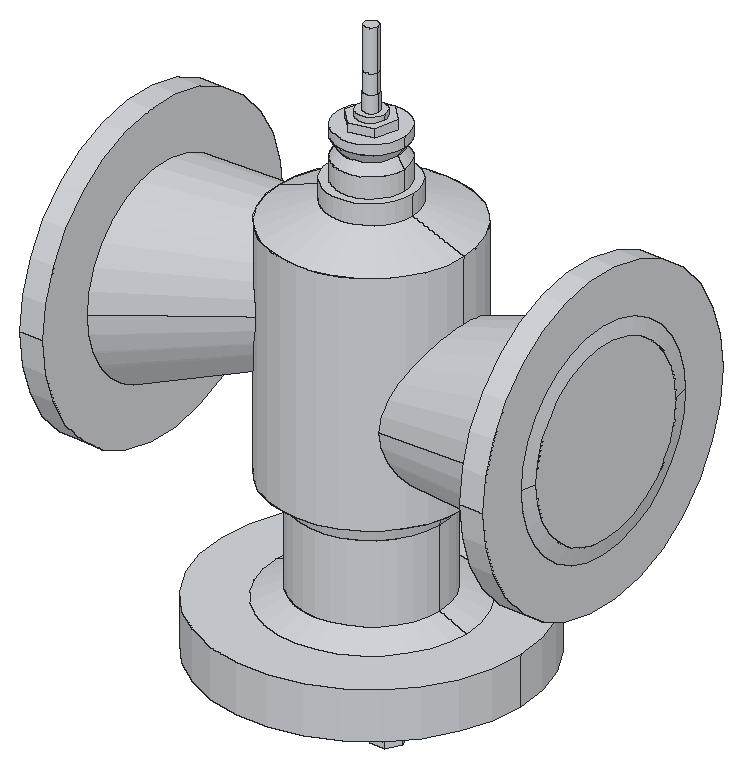
Revit family "2FGB_PN16_DN065_RFA_2019", category Pipe Accessories, Revit 2019
Family settings
  Round Connector Dimension = Use Diameter
  Part Type = Valve - Breaks Into
  Work Plane-Based = No
  Always vertical = Yes
  Cut with Voids When Loaded = No
  Shared = No
Parameters (values of type "2FGB PN16 DN065")
  magiProductId = ""
  magiProductFamilyId = ""
  magiPartTypeId = 306
  isMeasuringValve [instance] = no
  ang2D [instance] = 0.00°
  Z9 = 4.2 mm
  Z8 = 5.7 mm
  Z7 = 3 mm
  Z6 = 6 mm
  Z5 = 6 mm
  Z4 = 12 mm
  Z3 = 139.45 mm
  Z19 = 9.9 mm
  Z15 = 33.25 mm
  Z14__ve = -Z14  # -11.875 mm
  Z14 = 11.875 mm
  Z13 = 6.82 mm
  Z12 = 47.74 mm
  Z10 = 5.1 mm
  X4 = 28.6 mm
  X2__ve = -X2  # -14.3 mm
  X2 = 14.3 mm
  X1 = 2 mm
  W2D = 65 mm
  VersionID = ""
  Use Minimum Symbol Size [instance] = yes
  URL = "www.hydronix.cz"
  Type Comments = "Přírubový; EQM charakteristika; PN16; -10~+150°C"
  R9 = 4 mm
  R7 = 8.34 mm
  R6 = 13.9 mm
  R5 = 16.474 mm
  R4 = 20.592 mm
  R3 = 25.74 mm
  R2 = 44.25 mm
  R13 = 42.48 mm
  R12 = 4.378 mm
  R1 = 35.4 mm
  QmdConnectorList = "301;D;302;D"
  Productdata [instance] = "2FGB65 (DN65; PN16; kvs63)"
  Manufacturer = "Hydronix"
  Maintenance Zone Under Depth [instance] = 207 mm
  Maintenance Zone Right Depth [instance] = 175 mm
  Maintenance Zone Over Depth [instance] = 221 mm
  Maintenance Zone Left Depth [instance] = 175 mm
  Maintenance Zone Front Depth [instance] = 110 mm
  Maintenance Zone Back Depth [instance] = 110 mm
  Maintenance Zone Front Visibility [instance] = no
  LT2 = 145 mm
  L2D_Min = 3048 mm
  L2D = 290 mm
  HCDT2 = 59 mm
  H4 = 175 mm
  H3 = 95 mm
  H2 = 25 mm
  FDT2 = 92.5 mm
  Description = "2 cestný regulační ventil přírubový; DN65; PN16; kvs63; zdvih 25mm"
  D4 = 53.975 mm
  D3 = 63.5 mm
  D2 = 57.2 mm
  D = 65 mm
  CenSd_R6_6 = R6 * cos(30.00°)  # 12.037 mm
  CenSd_A_6 = A * cos(30.00°)  # 8.011 mm
  Clearance Zone Height Depth [instance] = 221 mm
  CZONC [instance] = 175 mm
  Clearance Zone Visibility [instance] = no
  B1 = 51.265 mm
  A = 9.25 mm
Types (5, lengths in mm): name | Z9 | Z8 | Z6 | Z5 | Z4 | Z3 | Z19 | Z15 | Z14__ve | Z14 | Z13 | Z12 | Z10 | X4 | X2__ve | X2 | W2D | R7 | R6 | R5 | R4 | R3 | R2 | R13 | R12 | R1 | Productdata | LT2 | L2D | HCDT2 | H4 | H3 | H2 | FDT2 | Description | D4 | D3 | D2 | D | CenSd_R6_6 | CenSd_A_6 | B1 | A
  2FGB PN16 DN100 | 4.165 | 5.602 | 5.95 | 5.95 | 11.9 | 168.575 | 9.767 | 40.775 | -14.562 | 14.562 | 8.12 | 56.84 | 5.082 | 34.6 | -17.3 | 17.3 | 100 | 10.089 | 16.816 | 19.93 | 24.912 | 31.14 | 57.375 | 55.08 | 5.297 | 45.9 | "2FGB100 (DN100; PN16; kvs130)" | 175 | 350 | 76.5 | 207 | 116.5 | 45 | 110 | "2 cestný regulační ventil přírubový; DN100; PN16; kvs130; zdvih 45mm" | 68.85 | 81 | 69.2 | 100 | 14.563 | 9.526 | 63.64 | 11
  2FGB PN16 DN080 | 4.2 | 5.7 | 6 | 6 | 12 | 151.95 | 9.9 | 36.75 | -13.125 | 13.125 | 7.32 | 51.24 | 5.1 | 30.6 | -15.3 | 15.3 | 80 | 8.923 | 14.872 | 17.626 | 22.032 | 27.54 | 49.875 | 47.88 | 4.685 | 39.9 | "2FGB80 (DN80; PN16; kvs100)" | 155 | 310 | 66.5 | 187 | 105 | 45 | 100 | "2 cestný regulační ventil přírubový; DN80; PN16; kvs100; zdvih 45mm" | 60.35 | 71 | 61.2 | 80 | 12.879 | 8.66 | 56.569 | 10
  2FGB PN16 DN065 | 4.2 | 5.7 | 6 | 6 | 12 | 139.45 | 9.9 | 33.25 | -11.875 | 11.875 | 6.82 | 47.74 | 5.1 | 28.6 | -14.3 | 14.3 | 65 | 8.34 | 13.9 | 16.474 | 20.592 | 25.74 | 44.25 | 42.48 | 4.378 | 35.4 | "2FGB65 (DN65; PN16; kvs63)" | 145 | 290 | 59 | 175 | 95 | 25 | 92.5 | "2 cestný regulační ventil přírubový; DN65; PN16; kvs63; zdvih 25mm" | 53.975 | 63.5 | 57.2 | 65 | 12.037 | 8.011 | 51.265 | 9.25
  2FGB PN16 DN150 | 4.2 | 5.7 | 6 | 6 | 12 | 227.45 | 9.9 | 54.95 | -19.625 | 19.625 | 10.97 | 76.79 | 5.1 | 47.6 | -23.8 | 23.8 | 150 | 13.88 | 23.134 | 27.418 | 34.272 | 42.84 | 77.625 | 74.52 | 7.287 | 62.1 | "2FGB150 (DN150; PN16; kvs300)" | 240 | 480 | 103.5 | 277 | 157 | 45 | 142.5 | "2 cestný regulační ventil přírubový; DN150; PN16; kvs300; zdvih 45mm" | 92.65 | 109 | 95.2 | 150 | 20.034 | 12.341 | 84.853 | 14.25
  2FGB PN16 DN125 | 4.2 | 5.7 | 6 | 6 | 12 | 196.45 | 9.9 | 48.65 | -17.375 | 17.375 | 9.22 | 64.54 | 5.1 | 39.6 | -19.8 | 19.8 | 125 | 11.547 | 19.246 | 22.81 | 28.512 | 35.64 | 68.625 | 65.88 | 6.062 | 54.9 | "2FGB125 (DN125; PN16; kvs200)" | 200 | 400 | 91.5 | 234 | 139 | 45 | 125 | "2 cestný regulační ventil přírubový; DN125; PN16; kvs200; zdvih 45mm" | 81.6 | 96 | 79.2 | 125 | 16.667 | 10.825 | 74.246 | 12.5
Reference planes
  plane 1 "Center (Front/Back)": y = 0
  plane 2 "XYPLANE": z = 0
  plane 3 "Center (Left/Right)": x = 0
  plane 4 "234": y = -51.265
  plane 5 "233": x = 51.265
  plane 6 "232": x = -51.265
  plane 7 "231": y = 51.265
  plane 8 "225": z = -165
  plane 9 "223": z = 221
  plane 10 "221": x = -175
  plane 11 "220": x = 175
  plane 12 "219": y = -110
  plane 13 "218": y = 110
  plane 14 "196": z = -207
  plane 15 "182": z = 155
  plane 16 "161": z = 143
  plane 17 "158": z = 137.3
  plane 18 "150": z = 133.1
  plane 19 "148": z = 130.1
  plane 20 "142": z = 125
  plane 21 "136": z = 119
  plane 22 "135": z = 113
  plane 23 "131": z = 107
  plane 24 "78": z = 71.25
  plane 25 "77": z = 83.125
  plane 26 "74": z = 95
  plane 27 "70": z = -68.2
  plane 28 "65": z = -75.02
  plane 29 "64": z = -81.84
  plane 30 "58": z = -129.58
  plane 31 "57": z = -136.4
  plane 32 "46": z = -175
  plane 33 "28": x = 128.7
  plane 34 "27": x = 143
  plane 35 "21": z = -20
  plane 36 "16": z = 33.25
  plane 37 "13": x = -128.7
  plane 38 "7": x = -143
  plane 39 "6": x = 145
  plane 40 "5": x = -145
  plane 41 "3": y = 0
  plane 42 "2": z = 0
  plane 43 "1": x = 0
Forms (mm)
  Extrusion 1, solid
    sketch origin (-750, 0, -175) x (1, 0, 0) y (0, 1, 0)
      loop
        line (810.515, -51.265) -> (805.89, -43.255) -> (796.64, -43.255) -> (792.015, -51.265) -> (796.64, -59.276) -> (805.89, -59.276) -> (810.515, -51.265)
    from 0 to 10
  Extrusion 2, solid
    sketch origin (-750, 0, -175) x (1, 0, 0) y (0, 1, 0)
      loop
        line (707.985, -51.265) -> (703.36, -43.255) -> (694.11, -43.255) -> (689.485, -51.265) -> (694.11, -59.276) -> (703.36, -59.276) -> (707.985, -51.265)
    from 0 to 10
  Extrusion 3, solid
    sketch origin (-750, 0, -175) x (1, 0, 0) y (0, 1, 0)
      loop
        line (810.515, 51.265) -> (805.89, 59.276) -> (796.64, 59.276) -> (792.015, 51.265) -> (796.64, 43.255) -> (805.89, 43.255) -> (810.515, 51.265)
    from 0 to 10
  Extrusion 4, solid
    sketch origin (-750, 0, -175) x (1, 0, 0) y (0, 1, 0)
      loop
        line (707.985, 51.265) -> (703.36, 59.276) -> (694.11, 59.276) -> (689.485, 51.265) -> (694.11, 43.255) -> (703.36, 43.255) -> (707.985, 51.265)
    from 0 to 10
  Blend 5, solid, visible <- "Maintenance Zone Front Visibility"
    base sketch origin (-750, 0, 221) x (1, 0, 0) y (0, 1, 0)
      loop
        line (575, 110) -> (575, -110) -> (925, -110) -> (925, 110) -> (575, 110)
    top sketch origin (-750, 0, 221) x (1, 0, 0) y (0, 1, 0)
      loop
        line (575, 110) -> (575, -110) -> (925, -110) -> (925, 110) -> (575, 110)
    from 0 to -428
  Extrusion 6, solid, visible <- "Clearance Zone Visibility"
    sketch origin (-750, 0, 0) x (1, 0, 0) y (0, 1, 0)
      loop
        circle (750, 0) r 175
    from 0 to 221 <- "Clearance Zone Height Depth"
  Extrusion 7, solid
    sketch origin (-750, 0, 133.1) x (1, 0, 0) y (0, 1, 0)
      loop
        circle (750, 0) r 4.378
    from 0 to 9.9 <- "Z19"
  Extrusion 8, solid
    sketch origin (-750, 0, 155) x (1, 0, 0) y (0, 1, 0)
      loop
        circle (750, 0) r 4
    from 0 to 25 <- "H2"
  Extrusion 9, solid
    sketch origin (-750, 0, 143) x (1, 0, 0) y (0, 1, 0)
      loop
        circle (750, 0) r 4
    from 0 to 12 <- "Z4"
  Extrusion 10, solid
    sketch origin (-750, 0, 130.1) x (1, 0, 0) y (0, 1, 0)
      loop
        circle (750, 0) r 8.34
    from 0 to 3 <- "Z7"
  Extrusion 11, solid
    sketch origin (-750, 0, 125) x (1, 0, 0) y (0, 1, 0)
      loop
        line (759.829, -9.829) -> (763.426, 3.597) -> (753.597, 13.426) -> (740.171, 9.829) -> (736.574, -3.597) -> (746.403, -13.426) -> (759.829, -9.829)
    from 0 to 5.1 <- "Z10"
  Extrusion 12, solid
    sketch origin (-750, 0, 119) x (1, 0, 0) y (0, 1, 0)
      loop
        circle (750, 0) r 20.592
    from 0 to 6 <- "Z6"
  Blend 13, solid
    base sketch origin (-750, 0, 113) x (1, 0, 0) y (0, 1, 0)
      loop
        circle (750, 0) r 16.474
    top sketch origin (-750, 0, 113) x (1, 0, 0) y (0, 1, 0)
      loop
        circle (750, 0) r 20.592
    from 0 to 6
  Blend 14, solid
    base sketch origin (-750, 0, 107) x (1, 0, 0) y (0, 1, 0)
      loop
        circle (750, 0) r 20.592
    top sketch origin (-750, 0, 107) x (1, 0, 0) y (0, 1, 0)
      loop
        circle (750, 0) r 16.474
    from 0 to 6
  Extrusion 15, solid
    sketch origin (-750, 0, 95) x (1, 0, 0) y (0, 1, 0)
      loop
        circle (750, 0) r 20.592
    from 0 to 12 <- "Z4"
  Extrusion 16, solid
    sketch origin (-750, 0, 95) x (1, 0, 0) y (0, 1, 0)
      loop
        circle (750, 0) r 25.74
    from 0 to -11.875 <- "Z14__ve"
  Blend 17, solid
    base sketch origin (-750, 0, 71.25) x (1, 0, 0) y (0, 1, 0)
      loop
        circle (750, 0) r 57.2
    top sketch origin (-750, 0, 71.25) x (1, 0, 0) y (0, 1, 0)
      loop
        circle (750, 0) r 25.74
    from 0 to 11.875
  Blend 18, solid
    base sketch origin (-750, 0, -75.02) x (1, 0, 0) y (0, 1, 0)
      loop
        circle (750, 0) r 44.25
    top sketch origin (-750, 0, -75.02) x (1, 0, 0) y (0, 1, 0)
      loop
        circle (750, 0) r 57.2
    from 0 to 6.82
  Blend 19, solid
    base sketch origin (-750, 0, -81.84) x (1, 0, 0) y (0, 1, 0)
      loop
        circle (750, 0) r 42.48
    top sketch origin (-750, 0, -81.84) x (1, 0, 0) y (0, 1, 0)
      loop
        circle (750, 0) r 44.25
    from 0 to 6.82
  Extrusion 20, solid
    sketch origin (-750, 0, -129.58) x (1, 0, 0) y (0, 1, 0)
      loop
        circle (750, 0) r 42.48
    from 0 to 47.74 <- "Z12"
  Blend 21, solid
    base sketch origin (-750, 0, -136.4) x (1, 0, 0) y (0, 1, 0)
      loop
        circle (750, 0) r 59
    top sketch origin (-750, 0, -136.4) x (1, 0, 0) y (0, 1, 0)
      loop
        circle (750, 0) r 42.48
    from 0 to 6.82
  Extrusion 22, solid
    sketch origin (-750, 0, -165) x (1, 0, 0) y (0, 1, 0)
      loop
        circle (750, 0) r 92.5
    from 0 to 28.6 <- "X4"
  Blend 23, solid
    base sketch origin (143, -750, 0) x (0, 1, 0) y (0, 0, 1)
      loop
        circle (750, 0) r 63.5
    top sketch origin (143, -750, 0) x (0, 1, 0) y (0, 0, 1)
      loop
        circle (750, 0) r 53.975
    from 0 to 2
  Blend 24, solid
    base sketch origin (-145, -750, 0) x (0, 1, 0) y (0, 0, 1)
      loop
        circle (750, 0) r 53.975
    top sketch origin (-145, -750, 0) x (0, 1, 0) y (0, 0, 1)
      loop
        circle (750, 0) r 63.5
    from 0 to 2
  Extrusion 25, solid
    sketch origin (143, -750, 0) x (0, 1, 0) y (0, 0, 1)
      loop
        circle (750, 0) r 92.5
    from 0 to -14.3 <- "X2__ve"
  Blend 26, solid
    base sketch origin (0, -750, 0) x (0, 1, 0) y (0, 0, 1)
      loop
        circle (750, -20) r 35.4
    top sketch origin (0, -750, 0) x (0, 1, 0) y (0, 0, 1)
      loop
        circle (750, 0) r 59
    from 0 to 128.7
  Extrusion 27, solid
    sketch origin (-750, 0, -68.2) x (1, 0, 0) y (0, 1, 0)
      loop
        circle (750, 0) r 57.2
    from 0 to 139.45 <- "Z3"
  Blend 28, solid
    base sketch origin (-128.7, -750, 0) x (0, 1, 0) y (0, 0, 1)
      loop
        circle (750, 0) r 59
    top sketch origin (-128.7, -750, 0) x (0, 1, 0) y (0, 0, 1)
      loop
        circle (750, 33.25) r 35.4
    from 0 to 128.7
  Extrusion 29, solid
    sketch origin (-143, -750, 0) x (0, 1, 0) y (0, 0, 1)
      loop
        circle (750, 0) r 92.5
    from 0 to 14.3 <- "X2"
  Extrusion 30, solid, not visible
    sketch origin (145, -750, 0) x (0, 1, 0) y (0, 0, 1)
      loop
        circle (750, 0) r 10
    from 0 to -10
  Extrusion 31, solid, not visible
    sketch origin (-145, -750, 0) x (0, 1, 0) y (0, 0, 1)
      loop
        circle (750, 0) r 10
    from 0 to 10
Lines and regions (mm)
  reference lines, not visible
    curve 1: circle (2, 2, 0) r 1 normal (0, 0, 1)
  reference lines
    curve 2: line (51.265, -51.265, -175) -> (48.515, -46.502, -175)
    curve 3: line (51.265, -51.265, -175) -> (45.765, -51.265, -175)
    curve 4: line (51.265, -51.265, -175) -> (48.515, -56.028, -175)
    curve 5: line (-51.265, -51.265, -175) -> (-54.015, -46.502, -175)
    curve 6: line (-51.265, -51.265, -175) -> (-56.765, -51.265, -175)
    curve 7: line (-51.265, -51.265, -175) -> (-54.015, -56.028, -175)
    curve 8: line (51.265, 51.265, -175) -> (48.515, 56.028, -175)
    curve 9: line (51.265, 51.265, -175) -> (45.765, 51.265, -175)
    curve 10: line (51.265, 51.265, -175) -> (48.515, 46.502, -175)
    curve 11: line (-51.265, 51.265, -175) -> (-54.015, 56.028, -175)
    curve 12: line (-51.265, 51.265, -175) -> (-56.765, 51.265, -175)
    curve 13: line (-51.265, 51.265, -175) -> (-54.015, 46.502, -175)
    curve 14: line (0, 0, 125) -> (2.176, 8.121, 125)
    curve 15: line (0, 0, 125) -> (-5.945, 5.945, 125)
    curve 16: line (0, 0, 125) -> (-8.121, -2.176, 125)
Dimensions and locks
  plane 1 "Center (Front/Back)" to curve 1 = 2 mm
  "B1": plane 1 "Center (Front/Back)" to plane 4 "234"
  "B1": plane 3 "Center (Left/Right)" to plane 5 "233"
  "B1": plane 3 "Center (Left/Right)" to plane 6 "232"
  "B1": plane 1 "Center (Front/Back)" to plane 7 "231"
  locked: plane 32 "46" to plane 8 "225" at 10
  "Maintenance Zone Over Depth": plane 2 "XYPLANE" to plane 9 "223"
  "Maintenance Zone Left Depth": plane 3 "Center (Left/Right)" to plane 10 "221"
  "Maintenance Zone Right Depth": plane 3 "Center (Left/Right)" to plane 11 "220"
  "Maintenance Zone Front Depth": plane 1 "Center (Front/Back)" to plane 12 "219"
  "Maintenance Zone Back Depth": plane 1 "Center (Front/Back)" to plane 13 "218"
  "Maintenance Zone Under Depth": plane 2 "XYPLANE" to plane 14 "196"
  "Z4": plane 16 "161" to plane 15 "182"
  "Z8": plane 17 "158" to plane 16 "161"
  "Z9": plane 18 "150" to plane 17 "158"
  "Z7": plane 19 "148" to plane 18 "150"
  "Z10": plane 20 "142" to plane 19 "148"
  "Z6": plane 21 "136" to plane 20 "142"
  "Z5": plane 22 "135" to plane 21 "136"
  "Z5": plane 23 "131" to plane 22 "135"
  "Z4": plane 26 "74" to plane 23 "131"
  "Z14": plane 25 "77" to plane 24 "78"
  "Z14": plane 26 "74" to plane 25 "77"
  "H3": plane 2 "XYPLANE" to plane 26 "74"
  "Z13": plane 28 "65" to plane 27 "70"
  "Z13": plane 29 "64" to plane 28 "65"
  "Z12": plane 30 "58" to plane 29 "64"
  "Z13": plane 31 "57" to plane 30 "58"
  "X4": plane 8 "225" to plane 31 "57"
  "H4": plane 2 "XYPLANE" to plane 32 "46"
  "X2": plane 34 "27" to plane 33 "28"
  "X1": plane 39 "6" to plane 34 "27"
  locked: plane 42 "2" to plane 35 "21" at 20
  "Z15": plane 42 "2" to plane 36 "16"
  "X2": plane 38 "7" to plane 37 "13"
  "X1": plane 40 "5" to plane 38 "7"
  "LT2": plane 3 "Center (Left/Right)" to plane 39 "6"
  "LT2": plane 3 "Center (Left/Right)" to plane 40 "5"
  locked: plane 1 "Center (Front/Back)" to plane 41 "3"
  locked: plane 2 "XYPLANE" to plane 42 "2"
  locked: plane 3 "Center (Left/Right)" to plane 43 "1"
  "CenSd_A_6": curve 2 to Extrusion 1 sketch curve  (x2)
  "CenSd_A_6": curve 3 to Extrusion 1 sketch curve  (x2)
  "CenSd_A_6": curve 4 to Extrusion 1 sketch curve  (x2)
  "CenSd_A_6": curve 5 to Extrusion 2 sketch curve  (x2)
  "CenSd_A_6": curve 6 to Extrusion 2 sketch curve  (x2)
  "CenSd_A_6": curve 7 to Extrusion 2 sketch curve  (x2)
  "CenSd_A_6": curve 8 to Extrusion 3 sketch curve  (x2)
  "CenSd_A_6": curve 9 to Extrusion 3 sketch curve  (x2)
  "CenSd_A_6": curve 10 to Extrusion 3 sketch curve  (x2)
  "CenSd_A_6": curve 11 to Extrusion 4 sketch curve  (x2)
  "CenSd_A_6": curve 12 to Extrusion 4 sketch curve  (x2)
  "CenSd_A_6": curve 13 to Extrusion 4 sketch curve  (x2)
  "CenSd_R6_6": curve 14 to Extrusion 11 sketch curve  (x2)
  "CenSd_R6_6": curve 15 to Extrusion 11 sketch curve  (x2)
  "CenSd_R6_6": curve 16 to Extrusion 11 sketch curve  (x2)
  "CZONC": radius of Extrusion 6 sketch curve
  "R12": radius of Extrusion 7 sketch curve
  "R9": radius of Extrusion 8 sketch curve
  "R9": radius of Extrusion 9 sketch curve
  "R7": radius of Extrusion 10 sketch curve
  "R4": radius of Extrusion 12 sketch curve
  "R4": radius of Blend 13 sketch curve
  "R5": radius of Blend 13 sketch curve
  "R5": radius of Blend 14 sketch curve
  "R4": radius of Blend 14 sketch curve
  "R4": radius of Extrusion 15 sketch curve
  "R3": radius of Extrusion 16 sketch curve
  "R3": radius of Blend 17 sketch curve
  "D2": radius of Blend 17 sketch curve
  "D2": radius of Blend 18 sketch curve
  "R2": radius of Blend 18 sketch curve
  "R2": radius of Blend 19 sketch curve
  "R13": radius of Blend 19 sketch curve
  "R13": radius of Extrusion 20 sketch curve
  "R13": radius of Blend 21 sketch curve
  "HCDT2": radius of Blend 21 sketch curve
  "FDT2": radius of Extrusion 22 sketch curve
  "D4": radius of Blend 23 sketch curve
  "D3": radius of Blend 23 sketch curve
  "D3": radius of Blend 24 sketch curve
  "D4": radius of Blend 24 sketch curve
  "FDT2": radius of Extrusion 25 sketch curve
  "HCDT2": radius of Blend 26 sketch curve
  "R1": radius of Blend 26 sketch curve
  "D2": radius of Extrusion 27 sketch curve
  "R1": radius of Blend 28 sketch curve
  "HCDT2": radius of Blend 28 sketch curve
  "FDT2": radius of Extrusion 29 sketch curve
  locked: curve 3 to curve 2 (angle 60.00°)
  locked: curve 4 to curve 3 (angle 60.00°)
  locked: curve 4 to curve 2 (angle 120.00°)
  locked: curve 6 to curve 5 (angle 60.00°)
  locked: curve 7 to curve 6 (angle 60.00°)
  locked: curve 7 to curve 5 (angle 120.00°)
  locked: curve 9 to curve 8 (angle 60.00°)
  locked: curve 10 to curve 9 (angle 60.00°)
  locked: curve 10 to curve 8 (angle 120.00°)
  locked: curve 12 to curve 11 (angle 60.00°)
  locked: curve 13 to curve 12 (angle 60.00°)
  locked: curve 13 to curve 11 (angle 120.00°)
  locked: curve 15 to curve 14 (angle 60.00°)
  locked: curve 16 to curve 15 (angle 60.00°)
  locked: curve 16 to curve 14 (angle 120.00°)
  aligned and locked: level to plane 2 "XYPLANE"
  aligned and locked: plane 4 "234" to curve 2
  aligned and locked: plane 5 "233" to curve 2
  aligned and locked: plane 4 "234" to curve 5
  aligned and locked: plane 6 "232" to curve 5
  aligned and locked: plane 5 "233" to curve 8
  aligned and locked: plane 7 "231" to curve 8
  aligned and locked: plane 6 "232" to curve 11
  aligned and locked: plane 7 "231" to curve 11
  aligned and locked: plane 13 "218" to Blend 5 sketch curve  (x4)
  aligned and locked: plane 12 "219" to Blend 5 sketch curve  (x4)
  aligned and locked: plane 10 "221" to Blend 5 sketch curve  (x4)
  aligned and locked: plane 11 "220" to Blend 5 sketch curve  (x4)
  aligned and locked: Blend 5 to plane 14 "196"
  aligned and locked: plane 41 "3" to Extrusion 6 sketch curve
  aligned and locked: plane 43 "1" to Extrusion 6 sketch curve
  aligned and locked: plane 41 "3" to Extrusion 7 sketch curve
  aligned and locked: plane 43 "1" to Extrusion 7 sketch curve
  aligned and locked: plane 41 "3" to Extrusion 8 sketch curve
  aligned and locked: plane 43 "1" to Extrusion 8 sketch curve
  aligned and locked: plane 41 "3" to Extrusion 9 sketch curve
  aligned and locked: plane 43 "1" to Extrusion 9 sketch curve
  aligned and locked: plane 41 "3" to Extrusion 10 sketch curve
  aligned and locked: plane 43 "1" to Extrusion 10 sketch curve
  aligned and locked: plane 41 "3" to curve 14
  aligned and locked: plane 43 "1" to curve 14
  aligned and locked: plane 41 "3" to Extrusion 12 sketch curve
  aligned and locked: plane 43 "1" to Extrusion 12 sketch curve
  aligned and locked: plane 41 "3" to Blend 13 sketch curve  (x2)
  aligned and locked: plane 43 "1" to Blend 13 sketch curve  (x2)
  aligned and locked: plane 21 "136" to Blend 13
  aligned and locked: plane 41 "3" to Blend 14 sketch curve  (x2)
  aligned and locked: plane 43 "1" to Blend 14 sketch curve  (x2)
  aligned and locked: plane 22 "135" to Blend 14
  aligned and locked: plane 41 "3" to Extrusion 15 sketch curve
  aligned and locked: plane 43 "1" to Extrusion 15 sketch curve
  aligned and locked: plane 41 "3" to Extrusion 16 sketch curve
  aligned and locked: plane 43 "1" to Extrusion 16 sketch curve
  aligned and locked: plane 41 "3" to Blend 17 sketch curve  (x2)
  aligned and locked: plane 43 "1" to Blend 17 sketch curve  (x2)
  aligned and locked: plane 25 "77" to Blend 17
  aligned and locked: plane 41 "3" to Blend 18 sketch curve  (x2)
  aligned and locked: plane 43 "1" to Blend 18 sketch curve  (x2)
  aligned and locked: plane 27 "70" to Blend 18
  aligned and locked: plane 41 "3" to Blend 19 sketch curve  (x2)
  aligned and locked: plane 43 "1" to Blend 19 sketch curve  (x2)
  aligned and locked: plane 28 "65" to Blend 19
  aligned and locked: plane 41 "3" to Extrusion 20 sketch curve
  aligned and locked: plane 43 "1" to Extrusion 20 sketch curve
  aligned and locked: plane 41 "3" to Blend 21 sketch curve  (x2)
  aligned and locked: plane 43 "1" to Blend 21 sketch curve  (x2)
  aligned and locked: plane 30 "58" to Blend 21
  aligned and locked: plane 41 "3" to Extrusion 22 sketch curve
  aligned and locked: plane 43 "1" to Extrusion 22 sketch curve
  aligned and locked: Blend 23 sketch curve to plane 41 "3"  (x2)
  aligned and locked: plane 42 "2" to Blend 23 sketch curve  (x2)
  aligned and locked: plane 39 "6" to Blend 23
  aligned and locked: Blend 24 sketch curve to plane 41 "3"  (x2)
  aligned and locked: plane 42 "2" to Blend 24 sketch curve  (x2)
  aligned and locked: plane 38 "7" to Blend 24
  aligned and locked: Extrusion 25 sketch curve to plane 41 "3"
  aligned and locked: plane 42 "2" to Extrusion 25 sketch curve
  aligned and locked: Blend 26 sketch curve to plane 41 "3"  (x2)
  aligned and locked: plane 42 "2" to Blend 26 sketch curve
  aligned and locked: plane 35 "21" to Blend 26 sketch curve
  aligned and locked: plane 33 "28" to Blend 26
  aligned and locked: plane 41 "3" to Extrusion 27 sketch curve
  aligned and locked: plane 43 "1" to Extrusion 27 sketch curve
  aligned and locked: plane 36 "16" to Blend 28 sketch curve
  aligned and locked: plane 41 "3" to Blend 28 sketch curve
  aligned and locked: Blend 28 sketch curve to plane 41 "3"
  aligned and locked: plane 42 "2" to Blend 28 sketch curve
  aligned and locked: plane 43 "1" to Blend 28
  aligned and locked: Extrusion 29 sketch curve to plane 41 "3"
  aligned and locked: plane 42 "2" to Extrusion 29 sketch curve
  aligned and locked: Extrusion 30 sketch curve to plane 41 "3"
  aligned and locked: plane 42 "2" to Extrusion 30 sketch curve
  aligned and locked: Extrusion 31 sketch curve to plane 41 "3"
  aligned and locked: plane 42 "2" to Extrusion 31 sketch curve
Automatic sketch dimensions
  plane 1 "Center (Front/Back)" to curve 16 = 2.176 mm
  plane 1 "Center (Front/Back)" to Extrusion 30 sketch curve = 10 mm
  plane 1 "Center (Front/Back)" to Extrusion 31 sketch curve = 10 mm
  plane 3 "Center (Left/Right)" to curve 1 = 2 mm
  radius of curve 1 = 1 mm
Connectors
  piping at (-145, 0, 0), diameter 65, driven by "D"
    settings: on Extrusion 31, index 1, connector inside diameter 609.6 mm, connector length 0 mm, flow factor 0, pipe flow 0.0 L/s, pressure drop 0.0 Pa, fitting loss kfactor 0, connector angle 0.00°, fixture units 0, engagement length 0 mm, angle of deflection 0.00°, flow configuration 0, flow direction 0, fitting loss method 0, system type 29, joint type 0, gender type 0, connector reference index 2, connector utility 0, adjustable connector no, is connector primary yes, connector description ""
  piping at (145, 0, 0), diameter 65, driven by "D"
    settings: on Extrusion 30, index 2, connector inside diameter 609.6 mm, connector length 0 mm, flow factor 0, pipe flow 0.0 L/s, pressure drop 0.0 Pa, fitting loss kfactor 0, connector angle 0.00°, fixture units 0, engagement length 0 mm, angle of deflection 0.00°, flow configuration 0, flow direction 0, fitting loss method 0, system type 29, joint type 0, gender type 0, connector reference index 1, connector utility 0, adjustable connector no, is connector primary no, connector description ""
